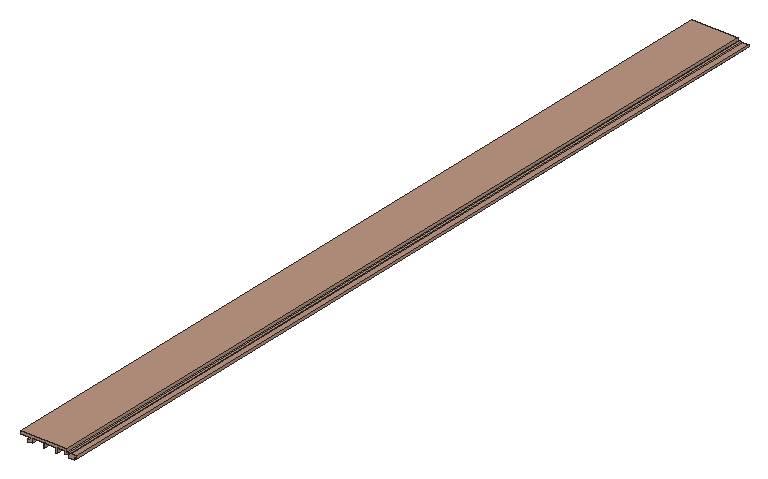
Revit family "SCI_WL_OW22-L6 EU", category Generic Models, host Face, Revit 2019
Family settings
  Host = Face
  Can host rebar = No
  Round Connector Dimension = Use Diameter
  Part Type = Normal
  Cut with Voids When Loaded = No
  Shared = No
  Room Calculation Point = No
Parameters
  Width = 190 mm
  Thickness = 22 mm
  Material = Teak
  Length = 2800 mm
  Keynote = "Cladding Outdoor"
  Description = "Cladding Luxury EU"
  Default Elevation = 1219.2 mm
Reference planes
  plane 1 "Center (Front/Back)": y = 0
  plane 2: z = 0
  plane 3 "Center (Left/Right)": x = 0
  plane 4: x = 115.911
  plane 5: x = -95
  plane 6: z = 22
  plane 7: x = 95
  plane 8: z = 14.943
  plane 9: x = -60.886
  plane 10: x = -53.967
  plane 11: x = -11.945
  plane 12: x = 23.974
  plane 13: x = 30.013
  plane 14: x = 53.037
  plane 15: x = 59.104
  plane 16: x = -17.921
  plane 17: z = 22
Forms (mm)
  Extrusion 1, solid, material "Teak" <- "Material"
    sketch origin (6.294, 0, 0) x (1, 0, 0) y (0, 0, 1)
      loop
        line (-101.294, 22) -> (-101.294, 14.943) -> (-67.18, 14.943) -> (-67.18, 6.932) -> (-75.274, 6.932) -> (-75.274, 0) -> (-60.26, 0) -> (-60.26, 14.943) -> (-24.215, 14.943) -> (-24.215, 0) -> (-18.239, 0) -> (-18.239, 14.943) -> (17.681, 14.943) -> (17.681, 0) -> (23.72, 0) -> (23.72, 15.006) -> (46.743, 14.943) -> (46.743, 6.974) -> (61.738, 6.974) -> (61.738, 0) -> (80.654, 0) -> (80.654, 7.036) -> (88.706, 7.036) -> (88.706, 14.943) -> (70.711, 14.943) -> (68.698, 12.702) -> (62.708, 12.702) -> (60.928, 14.943) -> (52.81, 14.943) -> (52.81, 22) -> (-101.294, 22)
    from -2800 to 0
Dimensions and locks
  equal spacing: plane 7, plane 3 "Center (Left/Right)", plane 5
  "Width": plane 7 to plane 5
  "Thickness": plane 6 to host face
  "Length": plane 1 "Center (Front/Back)" to Extrusion 1
  aligned and locked: plane 2 to host face
  aligned and locked: level to host face
  aligned and locked: Extrusion 1 sketch curve to host face  (x3)
  aligned and locked: Extrusion 1 to plane 7
  aligned and locked: Extrusion 1 to plane 5
  aligned and locked: plane 6 to Extrusion 1
  aligned and locked: plane 1 "Center (Front/Back)" to Extrusion 1
  aligned and locked: plane 8 to Extrusion 1 sketch curve  (x3)
  aligned and locked: Extrusion 1 sketch curve to plane 12
  aligned and locked: plane 13 to Extrusion 1 sketch curve
  aligned and locked: plane 14 to Extrusion 1 sketch curve
  aligned and locked: plane 15 to Extrusion 1 sketch curve
  aligned and locked: Extrusion 1 sketch curve to plane 16
  aligned and locked: Extrusion 1 sketch curve to plane 8
  aligned and locked: plane 6 to plane 17
Automatic sketch dimensions
  host sketch curve to host sketch curve = 2438.4 mm  (x2)
  Extrusion 1 sketch curve to plane 5 = 0 mm
  plane 9 to Extrusion 1 sketch curve = 0 mm
  plane 10 to Extrusion 1 sketch curve = 0 mm
  plane 11 to Extrusion 1 sketch curve = 0 mm
  Extrusion 1 sketch curve to plane 8 = 0 mm  (x2)
  plane 7 to Extrusion 1 sketch curve = 0 mm
  Extrusion 1 sketch curve to level = 0 mm
  plane 9 to Extrusion 1 sketch curve = 8.094 mm
  Extrusion 1 sketch curve to plane 15 = 8.118 mm
  Extrusion 1 sketch curve to Extrusion 1 sketch curve = 0.809 mm
  Extrusion 1 sketch curve to Extrusion 1 sketch curve = 1.779 mm
  Extrusion 1 sketch curve to plane 8 = 2.242 mm
  Extrusion 1 sketch curve to Extrusion 1 sketch curve = 5.99 mm
  Extrusion 1 sketch curve to Extrusion 1 sketch curve = 2.013 mm
  plane 7 to Extrusion 1 sketch curve = 8.052 mm
  Extrusion 1 sketch curve to Extrusion 1 sketch curve = 5.728 mm
  Extrusion 1 sketch curve to Extrusion 1 sketch curve = 5.666 mm
  plane 8 to Extrusion 1 sketch curve = 0.062 mm
  level to Extrusion 1 sketch curve = 6.932 mm
  Extrusion 1 sketch curve to plane 6 = 0 mm
